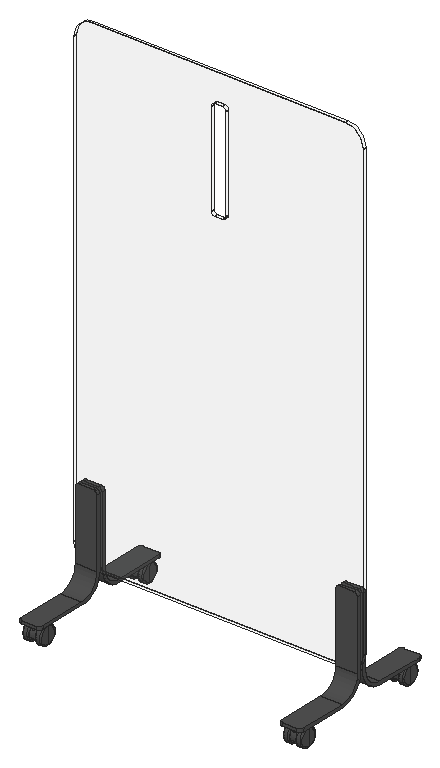
Revit family "Clarus_beClear_R18", category Furniture, host Face, Revit 2018
Family settings
  Host = Face
  Cut with Voids When Loaded = No
  Shared = No
  Room Calculation Point = No
Parameters (values of type "40" X 21" Casters")
  Width = 40"
  URL = "https://www.clarus.com/"
  TRC Standards [instance] = "http://therevitcollection.com/news/trc-news-the-revit-collection-standards-explained/"
  Show Thermometer Cutout [instance] = yes
  Product URL = "https://www.clarus.com/be-clear/"
  No Thermometer Cutout [instance] = not(Show Thermometer Cutout)  # no
  More Revit Families! [instance] = "www.therevitcollection.com"
  Modeled By = "Commense Studio"  # constant formula
  Model = "be! Clear"  # constant formula
  Manufacturer = "Clarus"  # constant formula
  Leg Length = (Depth - Core Thickness) / 2  # 10 1/4"
  Leg Height = 2 5/8"
  Leg Finish [instance] = Clarus Black
  Core Thickness = 1/2"  # constant formula
  Clarus Glass [instance] = Clarus Clear Glass
  Description = "be! Clear is an innovative, non-porous mobile glassboard that serves many\r\npurposes. Whether you use it as a protective shield from today’s various health\r\nthreats, as a collaborative writing surface, or as a temporary space divider that\r\nwon’t impact the integrity of your open-concept offi ce design, you can keep\r\neveryone healthy and at a safe distance without impeding the sightline from\r\none end of your space to the other. The optional cutout feature allows you to\r\nsafely take the temperature of incoming employees, customers or visitors, as\r\nwell as handoff important documents through an easily sanitized barrier while\r\nsafeguarding everyone. Thanks to the natural properties of glass, be! Clear is\r\nsafety and mobility rolled into one perfect solution."  # constant formula
  Height = 73"
  Designer = ""
  Depth = 21"
  Default Elevation = 0"
  Caster Color [instance] = Clarus Black
  Caster = yes
  Assembly Code = ""
Types (3): name | Leg Height | Height | Caster
  (no name) | 2 5/8" | 73" | yes
  40" X 21" Casters | 2 5/8" | 73" | yes
  40" X 21" No Casters | 0" | 70 3/8" | no
Reference planes (in)
  plane 1 "Center (Front/Back)": y = 0
  plane 2: z = 0
  plane 3 "Center (Left/Right)": x = 0
  plane 4 "L": x = -20
  plane 5 "R": x = 20
  plane 6 "B": y = 10.5
  plane 7 "F": y = -10.5
  plane 8: z = 73
  plane 9: y = 0.25
  plane 10: y = -0.25
  plane 11: y = -0.40625
  plane 12: y = 0.40625
  plane 13: y = 9.5
  plane 14: y = -9.5
  plane 15 "Legs": z = 2.625
  plane 16: x = 18
  plane 17: x = -18
  plane 18: z = 5.375
  plane 19: z = 16.125
  plane 20: x = -19.74999
  plane 21: z = 72.74999
  plane 22: x = 19.74999
  plane 23: z = 15.875
  plane 24: z = 69
  plane 25: z = 55
  plane 26: x = -1
  plane 27: x = 1
Forms (in)
  Extrusion 1, solid, material "Clarus Clear Glass" <- "Clarus Glass", visible <- "Show Thermometer Cutout"
    sketch origin (0, 0, 0) x (1, 0, 0) y (0, 0, 1)
      loop
        arc (-17.5, 73) -> (-19.26777, 72.26777) -> (-20, 70.5) r 2.5
        line (-20, 70.5) -> (-20, 7.875)
        arc (-20, 7.875) -> (-19.26777, 6.10723) -> (-17.5, 5.375) r 2.5
        line (-17.5, 5.375) -> (17.5, 5.375)
        arc (17.5, 5.375) -> (19.26777, 6.10723) -> (20, 7.875) r 2.5
        line (20, 7.875) -> (20, 70.5)
        arc (20, 70.5) -> (19.26777, 72.26777) -> (17.5, 73) r 2.5
        line (17.5, 73) -> (-17.5, 73)
      loop
        arc (-0.5, 69) -> (-0.85355, 68.85355) -> (-1, 68.5) r 0.5
        line (-1, 68.5) -> (-1, 55.5)
        arc (-1, 55.5) -> (-0.85355, 55.14645) -> (-0.5, 55) r 0.5
        line (-0.5, 55) -> (0.5, 55)
        arc (0.5, 55) -> (0.85355, 55.14645) -> (1, 55.5) r 0.5
        line (1, 55.5) -> (1, 68.5)
        arc (1, 68.5) -> (0.85355, 68.85355) -> (0.5, 69) r 0.5
        line (0.5, 69) -> (-0.5, 69)
    from -0.25 to 0.25
  Extrusion 2, solid, material "Clarus Clear Glass" <- "Clarus Glass", visible <- "No Thermometer Cutout"
    sketch origin (0, 0, 0) x (1, 0, 0) y (0, 0, 1)
      loop
        arc (-17.5, 73) -> (-19.26777, 72.26777) -> (-20, 70.5) r 2.5
        line (-20, 70.5) -> (-20, 7.875)
        arc (-20, 7.875) -> (-19.26777, 6.10723) -> (-17.5, 5.375) r 2.5
        line (-17.5, 5.375) -> (17.5, 5.375)
        arc (17.5, 5.375) -> (19.26777, 6.10723) -> (20, 7.875) r 2.5
        line (20, 7.875) -> (20, 70.5)
        arc (20, 70.5) -> (19.26777, 72.26777) -> (17.5, 73) r 2.5
        line (17.5, 73) -> (-17.5, 73)
    from -0.25 to 0.25
Lines and regions (in)
  symbolic lines
    curve 1: line (-19.75003, -0.25, 0) -> (14.75003, -0.25, 0)
    curve 2: line (19.74999, 0.25, 0) -> (-19.75003, 0.25, 0)
    curve 3: line (-16.5, 0.40625, 0) -> (-19.74999, 0.40625, 0)
    curve 4: line (-19.74999, -0.40625, 0) -> (-16.5, -0.40625, 0)
    curve 5: line (16.74995, 0.40625, 0) -> (19.74999, 0.40625, 0)
    curve 6: line (19.74999, -0.40625, 0) -> (16.74995, -0.40625, 0)
Dimensions and locks (in)
  equal spacing: plane 4 "L", plane 3 "Center (Left/Right)", plane 5 "R"
  "Width": plane 4 "L" to plane 5 "R"
  equal spacing: plane 7 "F", plane 1 "Center (Front/Back)", plane 6 "B"
  "Depth": plane 7 "F" to plane 6 "B"
  locked: plane 6 "B" to plane 13 at 1
  locked: plane 7 "F" to plane 14 at 1
  "Leg Height": plane 15 "Legs" to level
  locked: plane 16 to plane 5 "R" at 2
  plane 17 to plane 4 "L" = 2"
  equal spacing: plane 10, plane 1 "Center (Front/Back)", plane 9
  "Core Thickness": plane 10 to plane 9
  plane 9 to plane 12 = 5/32"
  plane 10 to plane 11 = 5/32"
  plane 8 to plane 19 to plane 23 to plane 18 to plane 15 "Legs" = 56 7/8" locked, 1/4" locked, 10 1/2" locked, 2 3/4" locked
  plane 4 "L" to plane 20 = 1/4"
  locked: plane 8 to plane 21 at 0.25001
  locked: plane 20 to plane 4 "L" at 0.25001
  locked: plane 22 to plane 5 "R" at 0.25001
  plane 8 to plane 24 to plane 25 = 4", 14"
  aligned and locked: plane 2 to host face
  aligned and locked: level to host face
  aligned and locked: nested 1 to plane 14
  aligned and locked: nested 2 to plane 17
  aligned and locked: plane 17 to nested 4
  aligned and locked: plane 16 to nested 1
  aligned and locked: nested 3 to plane 16
  aligned and locked: plane 17 to nested 5
  aligned and locked: nested 5 to plane 10
  aligned and locked: plane 9 to nested 6
  aligned and locked: nested 7 to plane 16
  aligned and locked: nested 8 to plane 16
  aligned and locked: plane 10 to nested 7
  aligned and locked: nested 8 to plane 9
  aligned and locked: nested 6 to plane 17
  aligned and locked: Extrusion 1 to plane 10
  aligned and locked: Extrusion 1 to plane 9
Automatic sketch dimensions
  plane 9 to curve 2 = 0"
  plane 10 to curve 1 = 0"
  plane 12 to curve 3 = 0"
  curve 3 to plane 20 = 0"
  plane 11 to curve 4 = 0"
  curve 4 to plane 20 = 0"
  plane 12 to curve 5 = 0"
  plane 11 to curve 6 = 0"
  curve 6 to plane 22 = 0"
  curve 5 to plane 22 = 0"
  curve 2 to plane 22 = 0"
  plane 20 to curve 1 = 0.00004"
  plane 20 to curve 2 = 0.00004"
  plane 17 to curve 4 = 1 1/2"
  curve 3 to curve 4 = 0"
  plane 16 to curve 1 = 3.24997"
  plane 16 to curve 5 = 1.25005"
  curve 6 to curve 5 = 0"
  host sketch curve to host sketch curve = 96"  (x2)
  Extrusion 2 sketch curve to plane 4 "L" = 0"
  Extrusion 2 sketch curve to plane 18 = 0"
  Extrusion 2 sketch curve to plane 8 = 0"
  Extrusion 2 sketch curve to plane 5 "R" = 0"
  plane 17 to Extrusion 2 sketch curve = 1/2"  (x2)
  plane 16 to Extrusion 2 sketch curve = 1/2"  (x2)
  Extrusion 1 sketch curve to plane 4 "L" = 0"
  Extrusion 1 sketch curve to plane 18 = 0"
  Extrusion 1 sketch curve to plane 8 = 0"
  Extrusion 1 sketch curve to plane 26 = 0"
  Extrusion 1 sketch curve to plane 24 = 0"
  Extrusion 1 sketch curve to plane 25 = 0"
  plane 27 to Extrusion 1 sketch curve = 0"
  Extrusion 1 sketch curve to plane 5 "R" = 0"
  plane 17 to Extrusion 1 sketch curve = 1/2"  (x2)
  Extrusion 1 sketch curve to plane 3 "Center (Left/Right)" = 1/2"  (x2)
  plane 3 "Center (Left/Right)" to Extrusion 1 sketch curve = 1/2"  (x2)
  plane 16 to Extrusion 1 sketch curve = 1/2"  (x2)
Nested families (in)
  nested 1: "Caster" at (18, -8.83637, 0) x (-1, 0, 0) z (0, 0, 1), Object <- "Caster Color", visible <- "Caster", type "2 5/8""
    with TRC Standards "http://therevitcollection.com/news/trc-news-the-revit-collection-standards-explained/", Object Clarus Black, More Revit Families! "www.therevitcollection.com"
  nested 2: "Caster" at (-18, -8.83637, 0), Object <- "Caster Color", visible <- "Caster", type "2 5/8""
    with TRC Standards "http://therevitcollection.com/news/trc-news-the-revit-collection-standards-explained/", Object Clarus Black, More Revit Families! "www.therevitcollection.com"
  nested 3: "Caster" at (18, 8.83637, 0) x (-1, 0, 0) z (0, 0, 1), Object <- "Caster Color", visible <- "Caster", type "2 5/8""
    with TRC Standards "http://therevitcollection.com/news/trc-news-the-revit-collection-standards-explained/", Object Clarus Black, More Revit Families! "www.therevitcollection.com"
  nested 4: "Caster" at (-18, 8.83637, 0), Object <- "Caster Color", visible <- "Caster", type "2 5/8""
    with TRC Standards "http://therevitcollection.com/news/trc-news-the-revit-collection-standards-explained/", Object Clarus Black, More Revit Families! "www.therevitcollection.com"
  nested 5: "Clarus_beLegs_R18" at (-18, -0.25, 2.625), Leg Finish <- "Leg Finish", type "Be Legs"
    with TRC Standards "http://therevitcollection.com/news/trc-news-the-revit-collection-standards-explained/", More Revit Families! "www.therevitcollection.com", Leg Finish Clarus Black
  nested 6: "Clarus_beLegs_R18" at (-18, 0.25, 2.625), Leg Finish <- "Leg Finish", type "Be Legs"
    with TRC Standards "http://therevitcollection.com/news/trc-news-the-revit-collection-standards-explained/", More Revit Families! "www.therevitcollection.com", Leg Finish Clarus Black
  nested 7: "Clarus_beLegs_R18" at (18, -0.25, 2.625) x (-1, 0, 0) z (0, 0, 1), Leg Finish <- "Leg Finish", type "Be Legs"
    with TRC Standards "http://therevitcollection.com/news/trc-news-the-revit-collection-standards-explained/", More Revit Families! "www.therevitcollection.com", Leg Finish Clarus Black
  nested 8: "Clarus_beLegs_R18" at (18, 0.25, 2.625) x (-1, 0, 0) z (0, 0, 1), Leg Finish <- "Leg Finish", type "Be Legs"
    with TRC Standards "http://therevitcollection.com/news/trc-news-the-revit-collection-standards-explained/", More Revit Families! "www.therevitcollection.com", Leg Finish Clarus Black
Definition of nested family "Caster"
  Parameters (values of type "2 5/8"")
    Width = 2 1/2"  # constant formula
    URL = ""
    TRC Standards [instance] = "http://therevitcollection.com/news/trc-news-the-revit-collection-standards-explained/"
    Product URL = ""
    More Revit Families! [instance] = "www.therevitcollection.com"
    Modeled By = "The Revit Collection"  # constant formula
    Model = ""
    Manufacturer = ""
    Object [instance] = none
    Description = ""
    Height = 2 5/8"  # constant formula
    Designer = ""
    Depth = 2 1/2"  # constant formula
    Default Elevation = 0"
    Assembly Code = "E2020200"
  Reference planes (in)
    plane 1 "Center (Front/Back)": y = 0
    plane 2: z = 0
    plane 3 "Center (Left/Right)": x = 0
    plane 4 "L": x = -1.25
    plane 5 "R": x = 1.25
    plane 6 "B": y = 1.25
    plane 7 "F": y = -1.25
    plane 8: z = 2.625
    plane 9: z = 1.25
    plane 10: z = 2.5
    plane 11: x = -0.5
    plane 12: x = 0.5
    plane 13: y = 0.66363
  Forms (in)
    Extrusion 1, solid
      sketch origin (0, 0, 0) x (1, 0, 0) y (0, 1, 0)
        loop
          line (-48, 48) -> (-48, -48) -> (48, -48) -> (48, 48) -> (-48, 48)
      from 0 to -12
    Revolve 2, solid, material <- "Object"
      sketch origin (0, 0, 0) x (1, 0, 0) y (0, 0, 1)
        loop
          line (-1.25, 1.25) -> (-0.5, 1.25) -> (-0.5, 2.375)
          arc (-0.5, 2.375) -> (-0.53661, 2.46339) -> (-0.625, 2.5) r 0.125
          line (-0.625, 2.5) -> (-1.125, 2.5)
          arc (-1.125, 2.5) -> (-1.21339, 2.46339) -> (-1.25, 2.375) r 0.125
          line (-1.25, 2.375) -> (-1.25, 1.25)
        loop
          line (1.25, 1.25) -> (1.25, 2.375)
          arc (1.25, 2.375) -> (1.21339, 2.46339) -> (1.125, 2.5) r 0.125
          line (1.125, 2.5) -> (0.625, 2.5)
          arc (0.625, 2.5) -> (0.53661, 2.46339) -> (0.5, 2.375) r 0.125
          line (0.5, 2.375) -> (0.5, 1.25) -> (1.25, 1.25)
        axis (-1.25, 1.25) -> (1.25, 1.25)
      angle from 0 to 360
    Extrusion 3, solid, material <- "Object"
      sketch origin (10.61611, 0, 0) x (0, 0, 1) y (0, -1, 0)
        loop
          arc (0.875, -1.06066) -> (2.375, 0) -> (0.875, 1.06066) r 1.125
          line (0.875, 1.06066) -> (0.875, -1.06066)
      from -11.11611 to -10.11611
    Extrusion 4, solid, material <- "Object"
      sketch origin (0, 0, 0) x (1, 0, 0) y (0, 1, 0)
        loop
          circle (0, 0.66363) r 0.25
      from 1.25 to 2.625
  Cuts and joins
    joined: Extrusion 3, Extrusion 4
  Dimensions and locks (in)
    equal spacing: plane 4 "L", plane 3 "Center (Left/Right)", plane 5 "R"
    "Width": plane 4 "L" to plane 5 "R"
    equal spacing: plane 7 "F", plane 1 "Center (Front/Back)", plane 6 "B"
    "Depth": plane 7 "F" to plane 6 "B"
    "Height": plane 8 to level
    equal spacing: plane 10, plane 9, level
    aligned and locked: plane 2 to Extrusion 1
    aligned and locked: level to Extrusion 1
    aligned and locked: Extrusion 3 to plane 11
    aligned and locked: Extrusion 3 to plane 12
    aligned and locked: plane 8 to Extrusion 4
    aligned and locked: Extrusion 4 to plane 9
  Automatic sketch dimensions
    Extrusion 1 sketch curve to Extrusion 1 sketch curve = 96"  (x2)
    Revolve 2 sketch curve to plane 9 = 0"  (x3)
    Revolve 2 sketch curve to plane 4 "L" = 0"
    Revolve 2 sketch curve to plane 10 = 0"  (x2)
    Revolve 2 sketch curve to plane 5 "R" = 0"
    plane 4 "L" to Revolve 2 sketch curve = 1/8"
    Revolve 2 sketch curve to plane 10 = 1/8"
    Revolve 2 sketch curve to plane 3 "Center (Left/Right)" = 5/8"
    plane 3 "Center (Left/Right)" to Revolve 2 sketch curve = 1/2"
    Revolve 2 sketch curve to Revolve 2 sketch curve = 1/8"
    Revolve 2 sketch curve to plane 5 "R" = 1/8"
    Revolve 2 sketch curve to plane 4 "L" = 0.37531"
    Revolve 2 sketch curve to Revolve 2 sketch curve = 0.46014"
    Extrusion 3 sketch curve to plane 1 "Center (Front/Back)" = 0"
    Extrusion 3 sketch curve to plane 9 = 0"
    Extrusion 3 sketch curve to plane 9 = 3/8"
    plane 6 "B" to Extrusion 3 sketch curve = 0.18934"
    Extrusion 4 sketch curve to plane 3 "Center (Left/Right)" = 0"
    plane 6 "B" to Extrusion 4 sketch curve = 0.58637"
    radius of Extrusion 4 sketch curve = 1/4"
Definition of nested family "Clarus_beLegs_R18"
  Parameters (values of type "Be Legs")
    Width = 3"
    URL = "https://www.clarus.com/"
    TRC Standards [instance] = "http://therevitcollection.com/news/trc-news-the-revit-collection-standards-explained/"
    Product URL = "https://www.clarus.com/be-mobile/"
    More Revit Families! [instance] = "www.therevitcollection.com"
    Modeled By = "Commense Studio"  # constant formula
    Model = "be! Legs"  # constant formula
    Manufacturer = "Clarus"  # constant formula
    Leg Finish [instance] = none
    Description = "Rolling Glassboard"
    Height = 13"
    Designer = ""
    Depth = 10 1/4"
    Default Elevation = 0"
    Assembly Code = ""
  Reference planes (in)
    plane 1 "Center (Front/Back)": y = 0
    plane 2: z = 0
    plane 3 "Center (Left/Right)": x = 0
    plane 4: x = 1.50004
    plane 5: x = -1.50004
    plane 6: y = -10.25
    plane 7: y = -9.25
    plane 8: z = 13
    plane 9: z = 12
  Forms (in)
    Extrusion 1, solid
      sketch origin (0, 0, 0) x (1, 0, 0) y (0, 1, 0)
        loop
          line (-48, 48) -> (-48, -48) -> (48, -48) -> (48, 48) -> (-48, 48)
      from 0 to -12
    Extrusion 2, solid, material <- "Leg Finish"
      sketch origin (-18.24999, 0.25, -2.6316) x (0, -1, 0) y (0, 0, -1)
        loop
          arc (3.25, -2.6316) -> (1.12868, -3.51028) -> (0.25, -5.6316) r 3
          line (0.25, -5.6316) -> (0.25, -14.6316) -> (0.625, -14.6316) -> (0.625, -5.6316)
          arc (0.625, -5.6316) -> (1.39384, -3.77545) -> (3.25, -3.0066) r 2.625
          line (3.25, -3.0066) -> (9.5, -3.0066) -> (9.5, -2.6316) -> (3.25, -2.6316)
      from 16.74995 to 19.75003
    Extrusion 3, solid, material <- "Leg Finish"
      sketch origin (-18.24999, 0.25, -2.6316) x (-1, 0, 0) y (0, -1, 0)
        loop
          arc (-19.25003, 10.5) -> (-19.60358, 10.35355) -> (-19.75003, 10) r 0.5
          line (-19.75003, 10) -> (-19.75003, 9.5) -> (-16.74995, 9.5) -> (-16.74995, 10)
          arc (-16.74995, 10) -> (-16.8964, 10.35355) -> (-17.24995, 10.5) r 0.5
          line (-17.24995, 10.5) -> (-19.25003, 10.5)
      from 2.6316 to 3.0066
    Extrusion 4, solid, material <- "Leg Finish"
      sketch origin (-18.24999, 0.25, -2.6316) x (-1, 0, 0) y (0, 0, -1)
        loop
          line (-16.74995, -14.6316) -> (-19.75003, -14.6316) -> (-19.75003, -15.1316)
          arc (-19.75003, -15.1316) -> (-19.60358, -15.48516) -> (-19.25003, -15.6316) r 0.5
          line (-19.25003, -15.6316) -> (-17.24995, -15.6316)
          arc (-17.24995, -15.6316) -> (-16.8964, -15.48516) -> (-16.74995, -15.1316) r 0.5
          line (-16.74995, -15.1316) -> (-16.74995, -14.6316)
      from 0.25 to 0.625
  Cuts and joins
    joined: Extrusion 2, Extrusion 3, Extrusion 4
  Dimensions and locks (in)
    "Depth": plane 6 to plane 1 "Center (Front/Back)"
    locked: plane 6 to plane 7 at 1
    plane 8 to Extrusion 1 = 13"
    aligned and locked: plane 2 to Extrusion 1
    aligned and locked: level to Extrusion 1
    aligned and locked: plane 7 to Extrusion 2
    aligned and locked: Extrusion 3 to plane 7
    aligned and locked: plane 6 to Extrusion 3
    aligned and locked: Extrusion 4 to plane 9  (x2)
    aligned and locked: plane 9 to Extrusion 2
  Automatic sketch dimensions
    Extrusion 1 sketch curve to Extrusion 1 sketch curve = 96"  (x2)
    Extrusion 3 sketch curve to plane 4 = 0"
    Extrusion 3 sketch curve to plane 5 = 0"
    Extrusion 3 sketch curve to plane 4 = 1/2"
    plane 5 to Extrusion 3 sketch curve = 1/2"
    Extrusion 3 sketch curve to Extrusion 3 sketch curve = 1/2"
    Extrusion 4 sketch curve to plane 4 = 0"
    Extrusion 4 sketch curve to plane 5 = 0"
    Extrusion 4 sketch curve to Extrusion 4 sketch curve = 1/2"  (x2)
    plane 5 to Extrusion 4 sketch curve = 1/2"
    Extrusion 3 sketch curve to plane 6 = 0"
    Extrusion 4 sketch curve to level = 12"
    Extrusion 2 sketch curve to plane 1 "Center (Front/Back)" = 0"
    Extrusion 2 sketch curve to plane 9 = 0"
    Extrusion 2 sketch curve to level = 0"
    Extrusion 2 sketch curve to plane 7 = 0"
    Extrusion 2 sketch curve to Extrusion 2 sketch curve = 2 5/8"
    Extrusion 2 sketch curve to level = 3/8"
    Extrusion 2 sketch curve to Extrusion 2 sketch curve = 0"  (x2)
